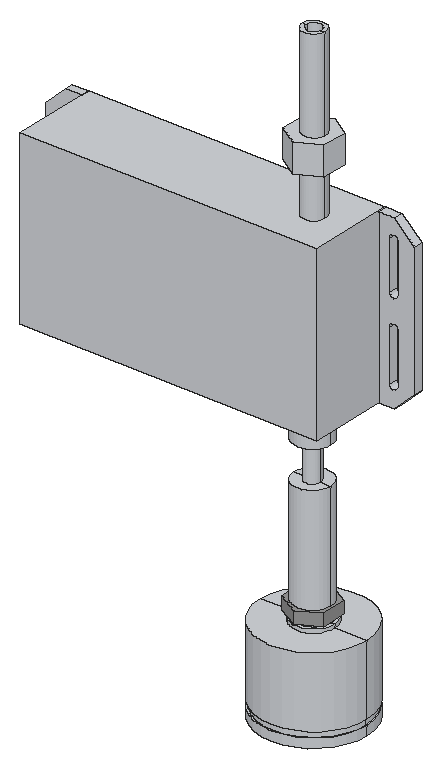
Revit family "MI-300-DU", category Plumbing Fixtures, Revit 2024
Family settings
  Round Connector Dimension = Use Diameter
  Part Type = Normal
  OmniClass Number = 23.45.00.00
  OmniClass Title = Sanitary, Laundry, and Cleaning Equipment
  Work Plane-Based = No
  Enable Cutting in Views = No
  Always vertical = Yes
  Cut with Voids When Loaded = No
  Maintain Annotation Orientation = No
  Shared = No
  Room Calculation Point = No
Parameters
  md [instance] = 0' - 1.06"
  h1 [instance] = 0' - 4 5/8"
  R [instance] = 0' - 4 1/2"
  MID [instance] = 0' - 0.72"
  LL [instance] = 0' - 5"
  L1 [instance] = 1' - 2.98611"
  L [instance] = 0' - 3.2"
  J [instance] = 0' - 5"
  H1 = 1' - 0.88"
  H [instance] = 0' - 5"
  Default Elevation = 0' - 0"
  DD [instance] = 0' - 0.734"
  Body Material = Brass
  A [instance] = 0' - 4"
Reference planes (in)
  plane 1 "Center (Front/Back)": y = -10.84158
  plane 2: z = 0
  plane 3 "Center (Left/Right)": x = 0
  plane 4: y = 4.14453
  plane 5: y = 6.28125
  plane 6: x = 4
  plane 7: x = -4
  plane 8: z = 2.28125
  plane 9: z = -2.34375
  plane 10: z = -7.34375
  plane 11: y = -10.84158
  plane 12: z = 6.78125
  plane 13: x = 3.00034
  plane 14: z = -9.84375
  plane 15: x = 1.56284
  plane 16: x = 4.43716
Forms (in)
  Extrusion 1, solid
    sketch origin (0, 0, 0) x (1, 0, 0) y (0, 0, 1)
      loop
        line (-4, 2.28125) -> (-4, -2.34375) -> (4, -2.34375) -> (4, 2.28125) -> (-4, 2.28125)
    from 9.68316 to 12
  Extrusion 2, solid
    sketch origin (-0.01139, 1.86891, 0) x (1, 0, 0) y (0, 0, 1)
      loop
        line (-4, 2.28125) -> (-4.43542, 2.28125) -> (-4.96721, 1.74946) -> (-4.96721, -1.81446) -> (-4.43542, -2.34625) -> (-4, -2.34625) -> (-4, 2.28125)
      loop
        line (-4.53353, 1.74219) -> (-4.53353, 0.43605)
        arc (-4.53353, 0.43605) -> (-4.41513, 0.31766) -> (-4.29674, 0.43605) r 0.11839
        line (-4.29674, 0.43605) -> (-4.29674, 1.74219)
        arc (-4.29674, 1.74219) -> (-4.41513, 1.86059) -> (-4.53353, 1.74219) r 0.11839
      loop
        arc (-4.53353, -1.77661) -> (-4.41513, -1.89501) -> (-4.29674, -1.77661) r 0.11839
        line (-4.29674, -1.77661) -> (-4.29674, -0.40797)
        arc (-4.29674, -0.40797) -> (-4.41513, -0.28958) -> (-4.53353, -0.40797) r 0.11839
        line (-4.53353, -0.40797) -> (-4.53353, -1.77661)
      loop
        line (4.02278, 2.28125) -> (4.02278, -2.34625) -> (4.4582, -2.34625) -> (4.98999, -1.81446) -> (4.98999, 1.74946) -> (4.4582, 2.28125) -> (4.02278, 2.28125)
      loop
        arc (4.5563, 1.74219) -> (4.43791, 1.86059) -> (4.31951, 1.74219) r 0.11839
        line (4.31951, 1.74219) -> (4.31951, 0.43605)
        arc (4.31951, 0.43605) -> (4.43791, 0.31766) -> (4.5563, 0.43605) r 0.11839
        line (4.5563, 0.43605) -> (4.5563, 1.74219)
      loop
        line (4.5563, -1.77661) -> (4.5563, -0.40797)
        arc (4.5563, -0.40797) -> (4.43791, -0.28958) -> (4.31951, -0.40797) r 0.11839
        line (4.31951, -0.40797) -> (4.31951, -1.77661)
        arc (4.31951, -1.77661) -> (4.43791, -1.89501) -> (4.5563, -1.77661) r 0.11839
    from 11.55207 to 11.78168
  Revolve 3, solid
    sketch origin (6.25509, -10.86985, -0.03611) x (1, 0, 0) y (0, 0, 1)
      loop
        line (-3.766, -2.30764) -> (-3.766, -3.09375) -> (-3.47487, -3.09375) -> (-3.47487, -4.09375) -> (-3.766, -4.09375) -> (-3.766, -6.97653) -> (-3.266, -6.97653) -> (-3.266, -2.30764) -> (-3.766, -2.30764)
      axis (-3.266, -2.30764) -> (-3.266, -6.97653)
    angle from 0 to 360
  Extrusion 4, solid, material "Brass" <- "Body Material"
    sketch origin (4.06975, -13.68926, 52.40983) x (1, 0, 0) y (0, 1, 0)
      loop
        line (-1.06975, 2.15931) -> (-0.50398, 2.48596) -> (-0.50398, 3.15584) -> (-1.06941, 3.4823) -> (-1.65076, 3.14665) -> (-1.65076, 2.49475) -> (-1.06975, 2.15931)
    from -59.75358 to -59.42248
  Revolve 5, solid
    sketch origin (0, -10.84158, 0) x (1, 0, 0) y (0, 0, 1)
      loop
        line (2.52707, -7.34375) -> (2.52707, -7.44254) -> (2.42451, -7.44254) -> (2.42451, -7.53568) -> (1.56284, -7.53568) -> (1.56284, -9.43658) -> (1.60348, -9.43658) -> (1.60348, -9.59144) -> (1.56284, -9.59144) -> (1.56284, -9.84375) -> (3, -9.84375) -> (3, -7.34375) -> (2.52707, -7.34375)
      axis (3, -7.34375) -> (3, -9.84375)
    angle from 0 to 360
  Revolve 6, solid
    sketch origin (0, -10.84158, 0) x (1, 0, 0) y (0, 0, 1)
      loop
        line (2.80034, 2.28125) -> (2.80034, 6.78125) -> (2.69378, 6.78125) -> (2.69378, 2.28125) -> (2.80034, 2.28125)
      axis (3.00034, 6.78125) -> (3.00034, 2.28125)
    angle from 0 to 360
  Extrusion 7, solid
    sketch origin (0, 0, 0) x (1, 0, 0) y (0, 1, 0)
      loop
        line (3.56577, -11.2033) -> (3.59632, -10.53276) -> (3.03088, -10.17104) -> (2.4349, -10.47985) -> (2.40436, -11.1504) -> (2.96979, -11.51212) -> (3.56577, -11.2033)
      loop
        circle (3.00034, -10.84158) r 0.30656
    from 3.53507 to 4.29174
Dimensions and locks (in)
  "L1": plane 4 to plane 1 "Center (Front/Back)"
  plane 5 to plane 1 "Center (Front/Back)" = 1' - 5.12283"
  equal spacing: plane 7, plane 3 "Center (Left/Right)", plane 6
  "A": plane 7 to plane 3 "Center (Left/Right)"
  locked: Revolve 3 to Revolve 3 at 1
  "h1": plane 8 to plane 9
  "J": plane 9 to plane 10
  plane 10 to plane 14 = 0' - 2 1/2"
  plane 15 to plane 16 = 0' - 2.87432"
  "R": plane 12 to plane 8
  aligned and locked: level to plane 2
  aligned and locked: plane 8 to Extrusion 1
  aligned and locked: plane 7 to Extrusion 1
  aligned and locked: plane 9 to Extrusion 1
  aligned and locked: plane 6 to Extrusion 1
  aligned and locked: Extrusion 2 to Extrusion 1
  aligned and locked: plane 10 to Extrusion 4
  aligned and locked: Extrusion 4 to Revolve 3
Automatic sketch dimensions
  plane 7 to Extrusion 1 sketch curve = 0' - 0"
  Extrusion 1 sketch curve to plane 6 = 0' - 0"
  Extrusion 1 sketch curve to plane 9 = 0' - 0"
  Extrusion 1 sketch curve to plane 8 = 0' - 0"
  Revolve 3 sketch curve to plane 9 = 0' - 0"
  Revolve 3 sketch curve to plane 7 = 0' - 6.48909"  (x2)
  Revolve 3 sketch curve to Revolve 3 sketch curve = 0' - 0.78611"
  Revolve 3 sketch curve to Revolve 3 sketch curve = 0' - 1"
  Revolve 3 sketch curve to plane 10 = 0' - 0.33111"
  Revolve 3 sketch curve to Revolve 3 sketch curve = 0' - 0.03611"
  plane 10 to Revolve 3 sketch curve = 0' - 1.72611"
  Extrusion 4 sketch curve to plane 7 = 0' - 6.41899"
  plane 1 "Center (Front/Back)" to Extrusion 4 sketch curve = 0' - 0.68837"
  plane 1 "Center (Front/Back)" to Extrusion 4 sketch curve = 0' - 0.36172"
  plane 1 "Center (Front/Back)" to Extrusion 4 sketch curve = 0' - 0.35293"
  Extrusion 4 sketch curve to plane 1 "Center (Front/Back)" = 0' - 0.29897"
  Extrusion 4 sketch curve to plane 1 "Center (Front/Back)" = 0' - 0.30816"
  Extrusion 4 sketch curve to plane 1 "Center (Front/Back)" = 0' - 0.63462"
  Extrusion 2 sketch curve to plane 8 = 0' - 0"  (x2)
  Extrusion 2 sketch curve to Extrusion 2 sketch curve = 0' - 0.43368"  (x3)
  plane 7 to Extrusion 2 sketch curve = 0' - 0.54491"
  plane 7 to Extrusion 2 sketch curve = 0' - 0.44681"  (x2)
  plane 9 to Extrusion 2 sketch curve = 0' - 0.0025"  (x2)
  Extrusion 2 sketch curve to Extrusion 2 sketch curve = 0' - 0.11839"  (x4)
  plane 7 to Extrusion 2 sketch curve = 0' - 0.01139"
  plane 6 to Extrusion 2 sketch curve = 0' - 0.01139"
  plane 6 to Extrusion 2 sketch curve = 0' - 0.30813"  (x2)
  Extrusion 2 sketch curve to Extrusion 2 sketch curve = 0' - 0.43542"  (x2)
  Extrusion 2 sketch curve to plane 9 = 0' - 0.52929"  (x2)
  Extrusion 2 sketch curve to Extrusion 2 sketch curve = 0' - 0.03785"  (x2)
  Extrusion 2 sketch curve to level = 0' - 0.40797"  (x2)
  level to Extrusion 2 sketch curve = 0' - 0.43605"  (x2)
  Extrusion 2 sketch curve to plane 8 = 0' - 0 69/128"  (x2)
  Extrusion 2 sketch curve to Extrusion 2 sketch curve = 0' - 0.00727"  (x2)
  Revolve 3 sketch curve to Revolve 3 sketch curve = 0' - 0.29113"
  Revolve 3 sketch curve to Revolve 3 sketch curve = 0' - 0 1/2"
  Revolve 3 sketch curve to Revolve 3 sketch curve = 0' - 0"
  Extrusion 4 sketch curve to Extrusion 4 sketch curve = 0' - 0.58101"
  Extrusion 4 sketch curve to Extrusion 4 sketch curve = 0' - 0.58135"
  Extrusion 4 sketch curve to Extrusion 4 sketch curve = 0' - 0.56577"
  Revolve 5 sketch curve to plane 10 = 0' - 0"
  plane 13 to Revolve 5 sketch curve = 0' - 1 7/16"  (x2)
  plane 10 to Revolve 5 sketch curve = 0' - 0.19193"
  Revolve 5 sketch curve to Revolve 5 sketch curve = 0' - 0.04064"
  plane 13 to Revolve 5 sketch curve = 0' - 0.57583"
  Revolve 5 sketch curve to Revolve 5 sketch curve = 0' - 0.10256"
  plane 13 to Revolve 5 sketch curve = 0' - 0.00034"  (x2)
  Revolve 5 sketch curve to Revolve 5 sketch curve = 0' - 1.90091"
  Revolve 5 sketch curve to Revolve 5 sketch curve = 0' - 0.15485"
  Revolve 5 sketch curve to Revolve 5 sketch curve = 0' - 0.25231"
  Revolve 5 sketch curve to Revolve 5 sketch curve = 0' - 0.09314"
  Revolve 5 sketch curve to Revolve 5 sketch curve = 0' - 0.34879"
  Revolve 5 sketch curve to Revolve 5 sketch curve = 0' - 0.86044"
  Revolve 6 sketch curve to plane 8 = 0' - 0"
  Revolve 6 sketch curve to plane 12 = 0' - 0"
  plane 13 to Revolve 6 sketch curve = 0' - 0"
  plane 13 to Revolve 6 sketch curve = 0' - 0.2"
  Revolve 6 sketch curve to Revolve 6 sketch curve = 0' - 0.10656"
  plane 8 to Revolve 6 sketch curve = 0' - 1.45687"
  Revolve 6 sketch curve to plane 12 = 0' - 0 1/4"
  plane 1 "Center (Front/Back)" to Extrusion 7 sketch curve = 0' - 0"
  Extrusion 7 sketch curve to plane 13 = 0' - 0"
  plane 13 to Extrusion 7 sketch curve = 0' - 0.03054"
  plane 13 to Extrusion 7 sketch curve = 0' - 0.56543"
  plane 13 to Extrusion 7 sketch curve = 0' - 0.59598"
  Extrusion 7 sketch curve to plane 13 = 0' - 0.03054"
  Extrusion 7 sketch curve to plane 6 = 0' - 0.43423"
  Extrusion 7 sketch curve to plane 6 = 0' - 0.40368"
  plane 1 "Center (Front/Back)" to Extrusion 7 sketch curve = 0' - 0.30882"
  plane 1 "Center (Front/Back)" to Extrusion 7 sketch curve = 0' - 0.36172"
  plane 1 "Center (Front/Back)" to Extrusion 7 sketch curve = 0' - 0.67054"
  Extrusion 7 sketch curve to plane 1 "Center (Front/Back)" = 0' - 0.30882"
  Extrusion 7 sketch curve to plane 1 "Center (Front/Back)" = 0' - 0.36172"
  Extrusion 7 sketch curve to plane 1 "Center (Front/Back)" = 0' - 0.67054"
  radius of Extrusion 7 sketch curve = 0' - 0.30656"
